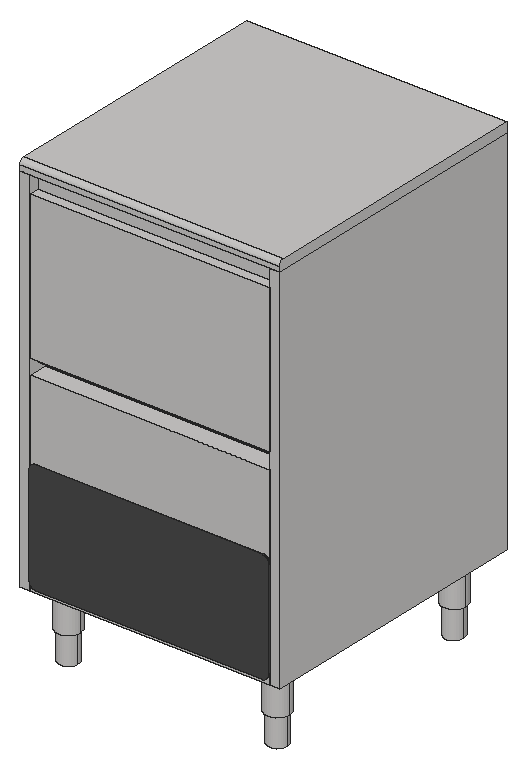
Revit family "QF_ELECTROLUXPROFESSIONAL_730304_ICB55I25SNP", category Attrezzature speciali, Revit 2018
Family settings
  Quota connettore circolare = Usa diametro
  Tipo di parte = Normale
  Basato su piano di lavoro = No
  Sempre verticale = Sì
  Taglio con vuoti quando caricato = No
  Condiviso = No
  Punto di calcolo locali = No
Parameters (values of type "Standard")
  Weight = 56.00 kg
  Watts = 0 W
  Volts = 220 V
  URL Manufacturer = "https://www.electroluxprofessional.com/"
  URL = "https://www.electroluxprofessional.com/"
  Steam Supply Size = 0 mm
  Steam Supply Minimum Pressure = 0.0 Pa
  Steam Supply Maximum Pressure = 0.0 Pa
  Steam Pounds per Hour = 0
  Show Logo [instance] = yes
  Show Clearance [instance] = yes
  Refrigeration Suction Line Size = 0 mm
  Refrigeration Liquid Line Size = 0 mm
  Refrigerant Compressor Remote = yes
  Produttore = "Electrolux Professional"
  Phase = 1
  Modello = "ICB55I25SNP"
  Length Actual = 535 mm  # constant formula
  Item Number = "730304"
  Hot Water Size = 0 mm
  Height Actual = 894 mm  # constant formula
  HP = "0 HP"
  Gas Size = 0 mm
  Gas KW = 0
  Gas Input Pressure = 0 W
  Descrizione = "AIR COOLED ICE CUBER 22GR 55KG/24H-BIN 25KG"
  Depth Actual = 595 mm  # constant formula
  Cycle = 50 Hz
  Condensate Return Size = 0 mm
  Compressed Air Volume = 0.0 L/s
  Compressed Air Size = 0 mm
  Compressed Air Pressure = 0.0 Pa
  Cold Water Size = 19.05 mm
  Accessory = yes
Reference planes
  plane 1 "Center X": y = 272.851
  plane 2: z = 0
  plane 3 "Center Y": x = -501.5
  plane 4 "LEFT": x = -769
  plane 5 "RIGHT": x = -234
  plane 6 "FRONT": y = -19.649
  plane 7 "BACK": y = 565.351
  plane 8: z = 143
  plane 9: z = 932
  plane 10: z = 912
  plane 11: x = -749
  plane 12: x = -254
  plane 13: y = 20.351
Forms (mm)
  Extrusion 1, solid, material "QF_Finishes_Black"
    sketch origin (-217.296, -19.649, 371.513) x (-1, 0, 0) y (0, 0, -1)
      loop
        arc (516.704, -9.487) -> (527.311, -5.093) -> (531.704, 5.513) r 15
        line (531.704, 5.513) -> (531.704, 206.469)
        arc (531.704, 206.469) -> (527.311, 217.075) -> (516.704, 221.469) r 15
        line (516.704, 221.469) -> (51.704, 221.469)
        arc (51.704, 221.469) -> (41.097, 217.075) -> (36.704, 206.469) r 15
        line (36.704, 206.469) -> (36.704, 5.513)
        arc (36.704, 5.513) -> (41.097, -5.093) -> (51.704, -9.487) r 15
        line (51.704, -9.487) -> (516.704, -9.487)
    from 0 to 2
  Extrusion 2, solid, material "QF_Finishes_Stainless Steel"
    sketch origin (-501.5, 0, 0) x (0, 1, 0) y (0, 0, 1)
      loop
        line (565.351, 912) -> (565.351, 932) -> (-9.649, 932)
        arc (-9.649, 932) -> (-16.72, 929.071) -> (-19.649, 922) r 10
        line (-19.649, 922) -> (-19.649, 912) -> (565.351, 912)
    from -267.5 to 267.5
  Extrusion 3, solid, material "QF_Finishes_Stainless Steel"
    sketch origin (-354.7, 565.351, -329.545) x (1, 0, 0) y (0, 0, -1)
      loop
        circle (53.2, -643.545) r 10
    from 0 to 10
  Extrusion 4, solid, material "QF_Finishes_Stainless Steel"
    sketch origin (0, 0, 0) x (1, 0, 0) y (0, 1, 0)
      loop
        line (-769, 565.351) -> (-769, -19.649) -> (-749, -19.649) -> (-749, 565.351) -> (-769, 565.351)
    from 143 to 912
  Extrusion 5, solid, material "QF_Finishes_Stainless Steel"
    sketch origin (0, 0, 0) x (1, 0, 0) y (0, 1, 0)
      loop
        line (-254, 565.351) -> (-254, -19.649) -> (-234, -19.649) -> (-234, 565.351) -> (-254, 565.351)
    from 143 to 912
  Extrusion 6, solid, material "QF_Finishes_Stainless Steel"
    sketch origin (0, 0, 0) x (1, 0, 0) y (0, 1, 0)
      loop
        line (-749, 565.351) -> (-749, 20.351) -> (-254, 20.351) -> (-254, 565.351) -> (-749, 565.351)
    from 143 to 912
  Extrusion 7, solid, material "QF_Finishes_Stainless Steel"
    sketch origin (0, 0, 0) x (1, 0, 0) y (0, 1, 0)
      loop
        line (-749, -19.649) -> (-254, -19.649) -> (-254, 20.351) -> (-749, 20.351) -> (-749, -19.649)
    from 143 to 541.146
  Extrusion 8, solid, material "QF_Finishes_Stainless Steel"
    sketch origin (-501.5, 0, 0) x (0, 1, 0) y (0, 0, 1)
      loop
        line (20.351, 912) -> (0.351, 912) -> (0.351, 876) -> (-19.649, 876) -> (-19.649, 572.768) -> (0.351, 572.768) -> (0.351, 557) -> (20.351, 557) -> (20.351, 912)
    from -247.5 to 247.5
  Extrusion 9, solid, material "QF_Finishes_Stainless Steel"
    sketch origin (-337.2, 565.351, -440.545) x (1, 0, 0) y (0, 0, -1)
      loop
        circle (53.2, -643.545) r 10
    from 0 to 10
  Extrusion 10, solid, material "QF_Finishes_Stainless Steel"
    sketch origin (-397.7, 565.351, -361.545) x (1, 0, 0) y (0, 0, -1)
      loop
        circle (53.2, -643.545) r 10
    from 0 to 10
Lines and regions (mm)
  Split face 1
    outline origin (-501.5, 0.351, 912) x (0, 0, -1) y (1, 0, 0)
      loop
        line (5.715, 124.928) -> (30.715, 124.928) -> (30.715, 164.928) -> (5.715, 164.928) -> (5.715, 124.928)
  symbolic lines
    curve 1: line (-769, 565.351, 0) -> (-234, 565.351, 0)
    curve 2: line (-769, -19.649, 0) -> (-769, 565.351, 0)
    curve 3: line (-234, -19.649, 0) -> (-769, -19.649, 0)
    curve 4: line (-234, 565.351, 0) -> (-234, -19.649, 0)
Dimensions and locks
  equal spacing: plane 4 "LEFT", plane 3 "Center Y", plane 5 "RIGHT"
  plane 4 "LEFT" to plane 5 "RIGHT" = 535 mm
  equal spacing: plane 7 "BACK", plane 1 "Center X", plane 6 "FRONT"
  plane 7 "BACK" to plane 6 "FRONT" = 585 mm
  plane 8 to plane 2 = 143 mm
  plane 9 to plane 8 = 789 mm
  locked: plane 4 "LEFT" to plane 11 at 20
  locked: plane 12 to plane 5 "RIGHT" at 20
  locked: plane 9 to plane 10 at 20
  locked: plane 13 to plane 6 "FRONT" at 40
  aligned and locked: level to plane 2
  aligned and locked: plane 5 "RIGHT" to Extrusion 2
  aligned and locked: Extrusion 2 to plane 4 "LEFT"
  aligned and locked: Extrusion 4 sketch curve to Extrusion 2  (x2)
  aligned and locked: plane 6 "FRONT" to Extrusion 4 sketch curve
  aligned and locked: Extrusion 4 sketch curve to plane 11
  aligned and locked: Extrusion 5 sketch curve to plane 7 "BACK"
  aligned and locked: plane 12 to Extrusion 5 sketch curve
  aligned and locked: Extrusion 5 sketch curve to Extrusion 2  (x2)
  aligned and locked: plane 10 to Extrusion 4
  aligned and locked: plane 10 to Extrusion 5
  aligned and locked: Extrusion 4 to plane 8
  aligned and locked: Extrusion 5 to plane 8
  aligned and locked: Extrusion 6 sketch curve to Extrusion 4
  aligned and locked: Extrusion 4 to Extrusion 6 sketch curve
  aligned and locked: plane 13 to Extrusion 6 sketch curve
  aligned and locked: Extrusion 6 sketch curve to plane 12
  aligned and locked: plane 10 to Extrusion 6
  aligned and locked: Extrusion 6 to plane 8
  aligned and locked: Extrusion 4 to Extrusion 7 sketch curve
  aligned and locked: Extrusion 7 sketch curve to Extrusion 4
  aligned and locked: plane 13 to Extrusion 7 sketch curve
  aligned and locked: plane 12 to Extrusion 7 sketch curve
  aligned and locked: Extrusion 7 to plane 8
  aligned and locked: plane 12 to Extrusion 8
  aligned and locked: Extrusion 8 to plane 11
Automatic sketch dimensions
  curve 3 to plane 4 "LEFT" = 0 mm
  curve 3 to plane 5 "RIGHT" = 0 mm
  curve 3 to plane 6 "FRONT" = 0 mm
  curve 2 to plane 7 "BACK" = 0 mm
  Extrusion 1 sketch curve to plane 12 = 0 mm
  plane 8 to Extrusion 1 sketch curve = 7.044 mm
  Extrusion 1 sketch curve to Extrusion 1 sketch curve = 15 mm  (x3)
  plane 11 to Extrusion 1 sketch curve = 15 mm  (x2)
  Extrusion 1 sketch curve to Extrusion 1 sketch curve = 200.956 mm
  Extrusion 2 sketch curve to plane 6 "FRONT" = 0 mm
  Extrusion 2 sketch curve to plane 9 = 0 mm
  Extrusion 2 sketch curve to plane 7 "BACK" = 0 mm
  Extrusion 2 sketch curve to plane 10 = 0 mm
  plane 6 "FRONT" to Extrusion 2 sketch curve = 10 mm
  Extrusion 6 to Extrusion 3 sketch curve = 171 mm
  Extrusion 3 sketch curve to Extrusion 6 = 47.5 mm
  Extrusion 8 sketch curve to plane 6 "FRONT" = 0 mm
  Extrusion 8 sketch curve to plane 10 = 0 mm
  Extrusion 8 sketch curve to plane 13 = 0 mm
  plane 6 "FRONT" to Extrusion 8 sketch curve = 20 mm  (x2)
  Extrusion 8 sketch curve to plane 10 = 36 mm
  Extrusion 8 sketch curve to Extrusion 8 sketch curve = 303.232 mm
  Extrusion 8 sketch curve to Extrusion 8 sketch curve = 15.768 mm
  Split face 1 sketch curve to Extrusion 8 = 5.715 mm
  Extrusion 8 to Split face 1 sketch curve = 5.285 mm
  Split face 1 sketch curve to Extrusion 8 = 122.572 mm
  Split face 1 sketch curve to Split face 1 sketch curve = 40 mm
  Extrusion 9 sketch curve to Extrusion 6 = 30 mm
  Extrusion 6 to Extrusion 9 sketch curve = 60 mm
  Extrusion 10 sketch curve to Extrusion 6 = 90.5 mm
  Extrusion 6 to Extrusion 10 sketch curve = 139 mm
  radius of Extrusion 3 sketch curve = 10 mm
  radius of Extrusion 9 sketch curve = 10 mm
  radius of Extrusion 10 sketch curve = 10 mm
Nested families
  nested 1: "Foot_Complete" at (-717, 40.351, 0), type "Foot_Complete"
    with H 143 mm
  nested 2: "Foot_Complete" at (-286, 40.351, 0) x (-1, 0, 0) z (0, 0, 1), type "Foot_Complete"
    with H 143 mm
  nested 3: "Foot_Complete" at (-717, 494.351, 0), type "Foot_Complete"
    with H 143 mm
  nested 4: "Foot_Complete" at (-286, 494.351, 0) x (-1, 0, 0) z (0, 0, 1), type "Foot_Complete"
    with H 143 mm
Connectors
  electrical at (-284, 575.351, 203), driven by "Volts"
    settings: on Extrusion 9, index 1, voltage 220 V, apparent load 0 VA, apparent load phase1 0 VA, apparent load phase2 0 VA, apparent load phase3 0 VA, power factor 1, load classification "Altro", number of poles 1, system type 30, power factor state 1, is connector primary yes, connector utility no, sub classification motor no, connector description "Electrical Connection"
  piping at (-301.5, 575.351, 314), diameter 20
    settings: on Extrusion 3, index 2, connector inside diameter 609.6 mm, connector length 0 mm, flow factor 0, pipe flow 0.0 L/s, pressure drop 0.0 Pa, fitting loss kfactor 0, connector angle 0.00°, fixture units 0, engagement length 0 mm, angle of deflection 0.00°, flow configuration 0, flow direction 0, fitting loss method 0, system type 20, joint type 0, gender type 0, connector reference index -1, connector utility 0, adjustable connector no, is connector primary yes, connector description "Cold water"
  piping at (-344.5, 575.351, 282), diameter 20
    settings: on Extrusion 10, index 3, connector inside diameter 609.6 mm, connector length 0 mm, flow factor 0, pipe flow 0.0 L/s, pressure drop 0.0 Pa, fitting loss kfactor 0, connector angle 0.00°, fixture units 0, engagement length 0 mm, angle of deflection 0.00°, flow configuration 0, flow direction 0, fitting loss method 0, system type 16, joint type 0, gender type 0, connector reference index -1, connector utility 0, adjustable connector no, is connector primary no, connector description "Drain"
Definition of nested family "Foot_Complete"
  Parameters (values of type "Foot_Complete")
    R = 25 mm
    H = 153 mm
  Reference planes
    plane 1 "Centro (Fronte/Retro)": y = 0
    plane 2: z = 0
    plane 3 "Centro (Sinistra/Destra)": x = 0
    plane 4: z = 153
  Forms (mm)
    Revolve 1, solid
      sketch origin (255.05, 0, 608.09) x (0, 0, 1) y (-1, 0, 0)
        loop
          line (-608.09, 255.05) -> (-608.09, 235.05) -> (-548.09, 235.05) -> (-548.09, 230.05) -> (-455.09, 230.05) -> (-455.09, 255.05) -> (-608.09, 255.05)
        axis (-608.09, 255.05) -> (-455.09, 255.05)
      angle from 0 to 360
  Dimensions and locks
    level to Revolve 1 sketch curve = 60 mm
    "R": Revolve 1 sketch curve to plane 3 "Centro (Sinistra/Destra)"
    "H": plane 4 to level
    aligned and locked: level to plane 2
    aligned and locked: plane 4 to Revolve 1 sketch curve
    aligned and locked: Revolve 1 sketch curve to level
    aligned and locked: plane 3 "Centro (Sinistra/Destra)" to Revolve 1 sketch curve
  Automatic sketch dimensions
    Revolve 1 sketch curve to plane 3 "Centro (Sinistra/Destra)" = 0 mm
    plane 3 "Centro (Sinistra/Destra)" to Revolve 1 sketch curve = 20 mm
    Revolve 1 sketch curve to Revolve 1 sketch curve = 50 mm
    Revolve 1 sketch curve to Revolve 1 sketch curve = 20 mm
